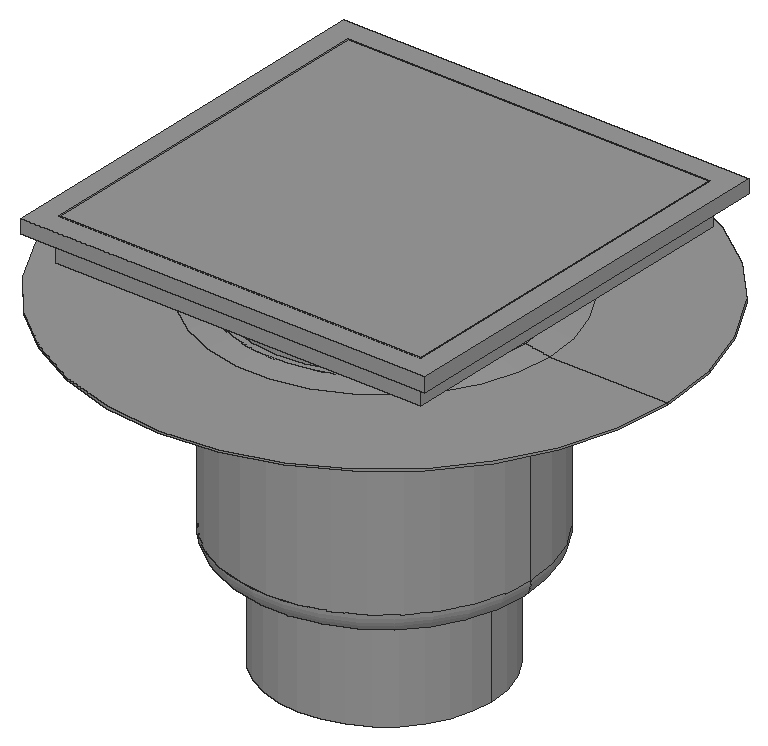
Revit family "ACO AUS Gully 218 Telescopic - Square Top - Vertical Outlet with Adhesive Flange - 300x3005", category Plumbing Fixtures, host Floor, Revit 2014 (continued)
Types (5, lengths in mm): name | Product Code 413029 | Product Code 413028 | Product Code 408236 | Product Code 408233 | Product Code 408226 | Product Code 408223 | Product Code 142008 | Product Code 142006 | Product Code 142005 | Product Code 142004 | Product Code 142003 | Product Code 142002 | Outlet Height | Material | Gully Weight (Kg) | Gully Product Description | Gully Product Code | Gully Material | Grating product Code 416944 | Grating product Code 416917 | Grating product Code 416916 | Grating product Code 408145 | Grating product Code 408137 | Grating product Code 142010 | Grating Product Code 408141 | Grating Product Code 408135 | Grating Product Code 408134 | Grating Product Code 408045 | Grating Product Code 408041 | Grating Product Code 408037 | Grating Product Code 408035 | Grating Product Code 408034 | Foul Air Trap Seal Recycled Material Content | Foul Air Trap Seal Recyclable | Foul Air Trap Seal Material | Foul Air Trap Seal Colour | Flow Rate (l/s) | Foul Air Trap & Foul Air Trap Support Ring | 408135 - 268 x 268mm - Mesh Grating - Plain - Stainless Steel 316 | 408035 - 268 x 268mm - Mesh Grating - Plain - Stainless Steel 304
  (no name) | "N/A" | "2.0 litre removable strainer - Stainless steel grade 304 - 0.9kg" | "N/A" | "N/A" | "Waterproof bonding flange - Stainless steel grade 304 - 2.5kg" | "0.7 litre removable strainer - Stainless steel grade 304 - 0.6kg" | "N/A" | "N/A" | "N/A" | "N/A" | "N/A" | "N/A" | 74.000 | Stainless Steel AISI 304 | "5" | "ACO Gully 218 adjustable height gully with integrated bonding flange - DN160 vertical outlet with square top section without FAT - grade 304" | "142196" | "Stainless steel grade 304" | "Load Class M125 (EN 1253) - Cast grate - Slip Resistant - Stainless steel grade 304 - 168x168x25 - 5.6kg" | "N/A" | "Load Class R50 (EN 1253) - Ladder grate - Slip Resistant - Stainless steel grade 304 - 268x268x25 - 3.5kg" | "N/A" | "N/A" | "Load Class L15 (EN 1253) - 5 Star grate -  Slip Resistant - Stainless steel grade 304 - 268x268x25 - 4.1kg" | "N/A" | "N/A" | "N/A" | "Load Class D210 (EN 1253) - Ladder grate - Plain - Stainless steel grade 304 - 268x268x25 - 6.2kg" | "Load Class L15 (EN 1253) - Arla grate -  Slip Resistant - Stainless steel grade 304 - 268x268x25 - 1.8kg" | "Load Class M125 (EN 1253) - Ladder grate - Slip Resistant - Stainless steel grade 304 - 168x168x25 - 4.3kg" | "Load Class L15 (EN 1253) - Mesh grate - Plain - Stainless steel grade 304 - 268x268x25 - 2.1kg" | "Load Class L15 (EN 1253) - Mesh grate -  Slip Resistant - Stainless steel grade 304 - 268x268x25 - 2.1kg" | "N/A" | "N/A" | "N/A" | "N/A" | "27.1" | no | no | yes
  142196 - Adjustable Height without FAT SS 304 | "N/A" | "2.0 litre removable strainer - Stainless steel grade 304 - 0.9kg" | "N/A" | "N/A" | "Waterproof bonding flange - Stainless steel grade 304 - 2.5kg" | "0.7 litre removable strainer - Stainless steel grade 304 - 0.6kg" | "N/A" | "N/A" | "N/A" | "N/A" | "N/A" | "N/A" | 74.000 | Stainless Steel AISI 304 | "5" | "ACO Gully 218 adjustable height gully with integrated bonding flange - DN160 vertical outlet with square top section without FAT - grade 304" | "142196" | "Stainless steel grade 304" | "Load Class M125 (EN 1253) - Cast grate - Slip Resistant - Stainless steel grade 304 - 168x168x25 - 5.6kg" | "N/A" | "Load Class R50 (EN 1253) - Ladder grate - Slip Resistant - Stainless steel grade 304 - 268x268x25 - 3.5kg" | "N/A" | "N/A" | "Load Class L15 (EN 1253) - 5 Star grate -  Slip Resistant - Stainless steel grade 304 - 268x268x25 - 4.1kg" | "N/A" | "N/A" | "N/A" | "Load Class D210 (EN 1253) - Ladder grate - Plain - Stainless steel grade 304 - 268x268x25 - 6.2kg" | "Load Class L15 (EN 1253) - Arla grate -  Slip Resistant - Stainless steel grade 304 - 268x268x25 - 1.8kg" | "Load Class M125 (EN 1253) - Ladder grate - Slip Resistant - Stainless steel grade 304 - 168x168x25 - 4.3kg" | "Load Class L15 (EN 1253) - Mesh grate - Plain - Stainless steel grade 304 - 268x268x25 - 2.1kg" | "Load Class L15 (EN 1253) - Mesh grate -  Slip Resistant - Stainless steel grade 304 - 268x268x25 - 2.1kg" | "N/A" | "N/A" | "N/A" | "N/A" | "27.1" | no | no | yes
  142197 - Adjustable Height without FAT SS 316 | "2.0 litre removable strainer - Stainless steel grade 316 - 0.9kg" | "N/A" | "Waterproof bonding flange - Stainless steel grade 316 - 2.5kg" | "0.7 litre removable strainer - Stainless steel grade 316 - 0.6kg" | "N/A" | "N/A" | "Fixed strainer to suit a 160mm outlet - Stainless steel grade 316 - 0.1kg" | "N/A" | "Retention chain connecting removable strainer to grate - Stainless steel grade 316 - 0.1kg" | "N/A" | "Retention chain connecting fixed strainer to removable strainer - Stainless steel grade 316 - 0.1kg" | "N/A" | 77.000 | Stainless Steel AISI 316 | "5" | "ACO Gully 218 adjustable height gully with integrated bonding flange - DN160 vertical outlet with square top section without FAT - grade 316" | "142197" | "Stainless steel grade 316" | "N/A" | "Load Class R50 (EN 1253) - Ladder grate - Slip Resistant - Stainless steel grade 316 - 268x268x25 - 3.5kg" | "N/A" | "Load Class D210 (EN 1253) - Ladder grate - Plain - Stainless steel grade 316 - 268x268x25 - 6.2kg" | "Load Class M125 (EN 1253) - Ladder grate - Slip Resistant - Stainless steel grade 316 - 268x268x25 - 4.3kg" | "N/A" | "Load Class L15 (EN 1253) - Arla grate - Slip Resistant - Stainless steel grade 316 - 268x268x25 - 1.8kg" | "Load Class L15 (EN 1253) - Mesh grate - Plain - Stainless steel grade 316 - 268x268x25 - 2.1kg" | "Load Class L15 (EN 1253) - Mesh grate - Slip Resistant - Stainless steel grade 316 - 268x268x25 - 2.1kg" | "N/A" | "N/A" | "N/A" | "N/A" | "N/A" | "N/A" | "N/A" | "N/A" | "N/A" | "27.1" | no | yes | no
  142198 - Adjustable Height with FAT SS 304 | "N/A" | "2.0 litre removable strainer - Stainless steel grade 304 - 0.9kg" | "N/A" | "N/A" | "Waterproof bonding flange - Stainless steel grade 304 - 2.5kg" | "0.7 litre removable strainer - Stainless steel grade 304 - 0.6kg" | "N/A" | "N/A" | "N/A" | "N/A" | "N/A" | "N/A" | 77.000 | Stainless Steel AISI 304 | "6.1" | "ACO Gully 218 adjustable height gully with integrated bonding flange - DN160 vertical outlet with square top section with FAT - grade 304" | "142198" | "Stainless steel grade 304" | "Load Class M125 (EN 1253) - Cast grate - Slip Resistant - Stainless steel grade 304 - 168x168x25 - 5.6kg" | "N/A" | "Load Class R50 (EN 1253) - Ladder grate - Slip Resistant - Stainless steel grade 304 - 268x268x25 - 3.5kg" | "N/A" | "N/A" | "Load Class L15 (EN 1253) - 5 Star grate -  Slip Resistant - Stainless steel grade 304 - 268x268x25 - 4.1kg" | "N/A" | "N/A" | "N/A" | "Load Class D210 (EN 1253) - Ladder grate - Plain - Stainless steel grade 304 - 268x268x25 - 6.2kg" | "Load Class L15 (EN 1253) - Arla grate -  Slip Resistant - Stainless steel grade 304 - 268x268x25 - 1.8kg" | "Load Class M125 (EN 1253) - Ladder grate - Slip Resistant - Stainless steel grade 304 - 168x168x25 - 4.3kg" | "Load Class L15 (EN 1253) - Mesh grate - Plain - Stainless steel grade 304 - 268x268x25 - 2.1kg" | "Load Class L15 (EN 1253) - Mesh grate -  Slip Resistant - Stainless steel grade 304 - 268x268x25 - 2.1kg" | "0%" | "Fully Recyclable" | "NBR" | "Black" | "5-5.5" | yes | no | yes
  142199 - Adjustable Height with FAT SS 316 | "2.0 litre removable strainer - Stainless steel grade 316 - 0.9kg" | "N/A" | "Waterproof bonding flange - Stainless steel grade 316 - 2.5kg" | "0.7 litre removable strainer - Stainless steel grade 316 - 0.6kg" | "N/A" | "N/A" | "Fixed strainer to suit a 160mm outlet - Stainless steel grade 316 - 0.1kg" | "Retention chain connecting removable FAT to grate - Stainless steel grade 316 - 0.1kg" | "Retention chain connecting removable strainer to grate - Stainless steel grade 316 - 0.1kg" | "Retention chain connecting to FAT to removable strainer - Stainless steel grade 316 - 0.1kg" | "Retention chain connecting fixed strainer to removable strainer - Stainless steel grade 316 - 0.1kg" | "Retention chain connecting fixed strainer to FAT - Stainless steel grade 316 - 0.1kg" | 77.000 | Stainless Steel AISI 316 | "6.1" | "ACO Gully 218 adjustable height gully with integrated bonding flange - DN160 vertical outlet with square top section with FAT - grade 316" | "142199" | "Stainless steel grade 316" | "N/A" | "Load Class R50 (EN 1253) - Ladder grate - Slip Resistant - Stainless steel grade 316 - 268x268x25 - 3.5kg" | "N/A" | "Load Class D210 (EN 1253) - Ladder grate - Plain - Stainless steel grade 316 - 268x268x25 - 6.2kg" | "Load Class M125 (EN 1253) - Ladder grate - Slip Resistant - Stainless steel grade 316 - 268x268x25 - 4.3kg" | "N/A" | "Load Class L15 (EN 1253) - Arla grate - Slip Resistant - Stainless steel grade 316 - 268x268x25 - 1.8kg" | "Load Class L15 (EN 1253) - Mesh grate - Plain - Stainless steel grade 316 - 268x268x25 - 2.1kg" | "Load Class L15 (EN 1253) - Mesh grate - Slip Resistant - Stainless steel grade 316 - 268x268x25 - 2.1kg" | "N/A" | "N/A" | "N/A" | "N/A" | "N/A" | "0%" | "Fully Recyclable" | "NBR" | "Black" | "5-5.5" | yes | yes | no
